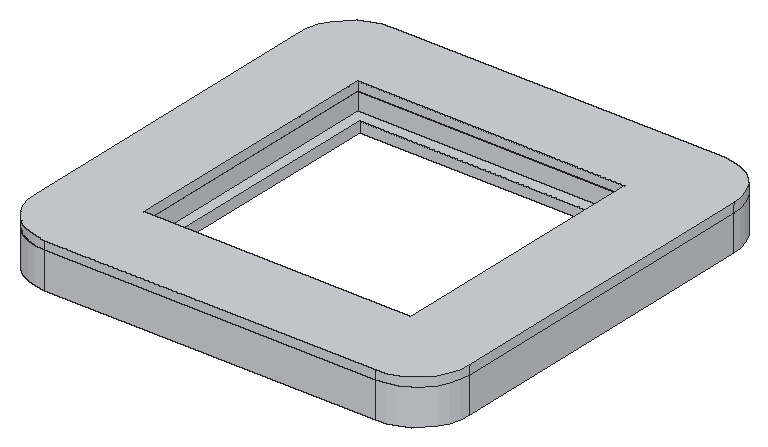
Revit family "Gira_0211416", category Electrical Fixtures, host Face, Revit 2017
Family settings
  Host = Face
  Maintain Annotation Orientation = No
  Round Connector Dimension = Use Diameter
  Part Type = Normal
  Cut with Voids When Loaded = No
  Shared = No
  Room Calculation Point = No
Parameters (values of type "Cov.fr. 1-g Gira E3 umber/p.white")
  URL = "http://katalog.gira.de/en/datenblatt.html?artikelnr=0211416"
  Transparent = "No"
  Name = "Cov.fr. 1-g Gira E3 umber/p.white"
  Manufacturer URL = "https://www.gira.de/"
  Manufacturer = "Gira"
  Keynote = ""
  HeinzeBIM = "https://bimportal.heinze.de/bim/cov-fr-1-g-gira-e3-umber-p-white/d0b1943311c650a9f9251d8c44d766297fc82417"
  HAN = "0211416"
  GTIN = "4010337024392"
  Description = "Cov.fr.1g E3 UmPw,Gira E3 cover frame,umber soft touch with pure white glossy intermediate frame,1-gang,Features:,- Shatter-proof.,,Notes :,- Soft-touch surface,- NCS value: approx. NCS S 7010-Y10R"
  Default Elevation = 1219.2 mm
  Data sheet (1) = "https://katalog.gira.de/en/download.html?artikelnr=0211416"
  Category = "Cover frame for domestic switching devices"
  BIM (1) = "https://media.stage.bim.site/public/gira/36a6b08/E3_Rahmen_1fach.rfa"
  Available = "No"
Reference planes
  plane 1 "Center (Front/Back)": y = 0
  plane 2: z = 0
  plane 3 "Center (Left/Right)": x = 0
Forms (mm)
  Extrusion 1, solid, detail levels fine
    sketch origin (0, 0, 0) x (1, 0, 0) y (0, 1, 0)
      loop
        arc (-34.8, 45.809) -> (-42.585, 42.585) -> (-45.809, 34.8) r 11.009
        line (-45.809, 34.8) -> (-45.809, -34.8)
        arc (-45.809, -34.8) -> (-42.585, -42.585) -> (-34.8, -45.809) r 11.009
        line (-34.8, -45.809) -> (34.8, -45.809)
        arc (34.8, -45.809) -> (42.585, -42.585) -> (45.809, -34.8) r 11.009
        line (45.809, -34.8) -> (45.809, 34.8)
        arc (45.809, 34.8) -> (42.585, 42.585) -> (34.8, 45.809) r 11.009
        line (34.8, 45.809) -> (-34.8, 45.809)
      loop
        line (28.187, 28.156) -> (-28.187, 28.156) -> (-28.187, -28.156) -> (28.187, -28.156) -> (28.187, 28.156)
    from 7.65 to 9.5
  Extrusion 2, solid, detail levels fine
    sketch origin (0, 0, 0) x (1, 0, 0) y (0, 1, 0)
      loop
        line (25.7, 25.7) -> (-25.7, 25.7) -> (-25.7, -25.7) -> (25.7, -25.7) -> (25.7, 25.7)
      loop
        line (-28.187, -28.156) -> (28.187, -28.156) -> (28.187, 28.156) -> (-28.187, 28.156) -> (-28.187, -28.156)
    from 1.65 to 3.9
  Extrusion 3, solid, detail levels fine
    sketch origin (0, 0, 0) x (1, 0, 0) y (0, 1, 0)
      loop
        arc (-34.8, 45.809) -> (-42.585, 42.585) -> (-45.809, 34.8) r 11.009
        line (-45.809, 34.8) -> (-45.809, -34.8)
        arc (-45.809, -34.8) -> (-42.585, -42.585) -> (-34.8, -45.809) r 11.009
        line (-34.8, -45.809) -> (34.8, -45.809)
        arc (34.8, -45.809) -> (42.585, -42.585) -> (45.809, -34.8) r 11.009
        line (45.809, -34.8) -> (45.809, 34.8)
        arc (45.809, 34.8) -> (42.585, 42.585) -> (34.8, 45.809) r 11.009
        line (34.8, 45.809) -> (-34.8, 45.809)
      loop
        line (-43.843, 34.785) -> (-43.843, -34.785)
        arc (-43.843, -34.785) -> (-41.19, -41.19) -> (-34.785, -43.843) r 9.058
        line (-34.785, -43.843) -> (34.785, -43.843)
        arc (34.785, -43.843) -> (41.19, -41.19) -> (43.843, -34.785) r 9.058
        line (43.843, -34.785) -> (43.843, 34.785)
        arc (43.843, 34.785) -> (41.19, 41.19) -> (34.785, 43.843) r 9.058
        line (34.785, 43.843) -> (-34.785, 43.843)
        arc (-34.785, 43.843) -> (-41.19, 41.19) -> (-43.843, 34.785) r 9.058
    from 0 to 7.65
  Extrusion 4, solid, detail levels fine
    sketch origin (0, 0, 0) x (1, 0, 0) y (0, 1, 0)
      loop
        line (-27.337, -31.075) -> (27.337, -31.075)
        arc (27.337, -31.075) -> (29.98, -29.98) -> (31.075, -27.337) r 3.739
        line (31.075, -27.337) -> (31.075, 27.337)
        arc (31.075, 27.337) -> (29.98, 29.98) -> (27.337, 31.075) r 3.739
        line (27.337, 31.075) -> (-27.337, 31.075)
        arc (-27.337, 31.075) -> (-29.98, 29.98) -> (-31.075, 27.337) r 3.739
        line (-31.075, 27.337) -> (-31.075, -27.337)
        arc (-31.075, -27.337) -> (-29.98, -29.98) -> (-27.337, -31.075) r 3.739
      loop
        line (-29.925, 27.537) -> (-29.925, -27.537)
        arc (-29.925, -27.537) -> (-29.226, -29.226) -> (-27.537, -29.925) r 2.389
        line (-27.537, -29.925) -> (27.537, -29.925)
        arc (27.537, -29.925) -> (29.226, -29.226) -> (29.925, -27.537) r 2.389
        line (29.925, -27.537) -> (29.925, 27.537)
        arc (29.925, 27.537) -> (29.226, 29.226) -> (27.537, 29.925) r 2.389
        line (27.537, 29.925) -> (-27.537, 29.925)
        arc (-27.537, 29.925) -> (-29.226, 29.226) -> (-29.925, 27.537) r 2.389
    from 1.65 to 7.65
  Extrusion 5, solid, detail levels fine
    sketch origin (0, 0, 0) x (1, 0, 0) y (0, 1, 0)
      loop
        line (-32.053, -39.8) -> (32.053, -39.8)
        arc (32.053, -39.8) -> (37.667, -36.708) -> (39.9, -30.7) r 9.2
        line (39.9, -30.7) -> (39.9, 30.7)
        arc (39.9, 30.7) -> (37.205, 37.205) -> (30.7, 39.9) r 9.2
        line (30.7, 39.9) -> (-30.7, 39.9)
        arc (-30.7, 39.9) -> (-37.205, 37.205) -> (-39.9, 30.7) r 9.2
        line (-39.9, 30.7) -> (-39.9, -30.7)
        arc (-39.9, -30.7) -> (-37.667, -36.708) -> (-32.053, -39.8) r 9.2
      loop
        line (-30.7, -31.7) -> (30.7, -31.7)
        arc (30.7, -31.7) -> (31.407, -31.407) -> (31.7, -30.7) r 1
        line (31.7, -30.7) -> (31.7, 30.7)
        arc (31.7, 30.7) -> (31.407, 31.407) -> (30.7, 31.7) r 1
        line (30.7, 31.7) -> (-30.7, 31.7)
        arc (-30.7, 31.7) -> (-31.407, 31.407) -> (-31.7, 30.7) r 1
        line (-31.7, 30.7) -> (-31.7, -30.7)
        arc (-31.7, -30.7) -> (-31.407, -31.407) -> (-30.7, -31.7) r 1
    from 1.65 to 3.9
  Extrusion 6, solid, detail levels fine
    sketch origin (0, 0, 0) x (1, 0, 0) y (0, 1, 0)
      loop
        line (-28.187, 28.156) -> (-28.187, -28.156) -> (28.187, -28.156) -> (28.187, 28.156) -> (-28.187, 28.156)
      loop
        line (-29.925, 29.925) -> (-29.925, -29.925) -> (29.925, -29.925) -> (29.925, 29.925) -> (-29.925, 29.925)
    from 1.65 to 7.65
  Extrusion 7, solid, detail levels coarse+medium
    sketch origin (0, 0, 0) x (1, 0, 0) y (0, 1, 0)
      loop
        line (-45.809, 45.809) -> (-45.809, -45.809) -> (45.809, -45.809) -> (45.809, 45.809) -> (-45.809, 45.809)
    from 0 to 9.5
Dimensions and locks
  aligned and locked: plane 2 to host face
  aligned and locked: level to host face
